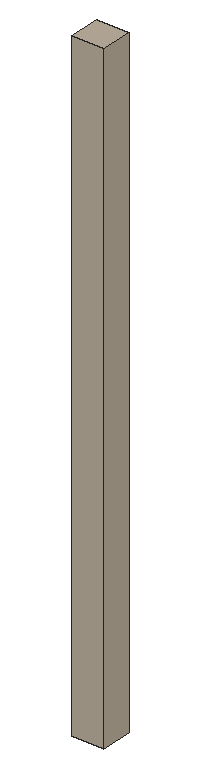
Revit family "Wood Stud", category Structural Columns, Revit 2018
Family settings
  Section Shape = Not Defined
  Material for Model Behavior = Wood
  Always export as geometry = No
  Beam cutback in plan = From bounding box
  OmniClass Number = 23.25.30.11.14.11
  OmniClass Title = Columns
  Cut with Voids When Loaded = No
  Symbolic Representation = From Project Settings
  Shared = No
  Show family pre-cut in plan views = Yes
Parameters (values of type "Wood Stud")
  Structural Material = Softwood, Lumber Cross Hatch
  A = 30.24 in²
  Assembly Code = "B10"
  b [instance] = 0' - 5 1/2"
  d [instance] = 0' - 5 1/2"
Types (2): name
  6x6
  Wood Stud
Reference planes (in)
  plane 1 "Center (Front/Back)": y = 0
  plane 2: z = 0
  plane 3 "Center (Left/Right)": x = 0
  plane 4: x = -2.75
  plane 5: x = 2.75
  plane 6: y = 2.75
  plane 7: y = -2.75
Forms (in)
  Extrusion 1, solid, material "Softwood, Lumber Cross Hatch" <- "Structural Material", detail levels medium+fine
    sketch origin (0, 0, 0) x (1, 0, 0) y (0, 1, 0)
      loop
        line (-2.75, 2.75) -> (-2.75, -2.75) -> (2.75, -2.75) -> (2.75, 2.75) -> (-2.75, 2.75)
    from 0 to 108
Lines and regions (in)
  symbolic lines
    curve 1: line (-2.75, 2.75, 0) -> (2.75, -2.75, 0)
    curve 2: line (2.75, 2.75, 0) -> (-2.75, -2.75, 0)
  model lines, style "StructuralColumns"
    curve 3: line (-2.75, 2.75, 0) -> (2.75, 2.75, 0)
    curve 4: line (-2.75, -2.75, 0) -> (2.75, -2.75, 0)
    curve 5: line (-2.75, 2.75, 0) -> (-2.75, -2.75, 0)
    curve 6: line (2.75, 2.75, 0) -> (2.75, -2.75, 0)
Dimensions and locks (in)
  equal spacing: plane 4, plane 3 "Center (Left/Right)", plane 5
  equal spacing: plane 7, plane 1 "Center (Front/Back)", plane 6
  "d": plane 7 to plane 6
  "b": plane 4 to plane 5
  aligned and locked: plane 6 to Extrusion 1 sketch curve
  aligned and locked: Extrusion 1 sketch curve to plane 7
  aligned and locked: Extrusion 1 sketch curve to plane 4
  aligned and locked: plane 5 to Extrusion 1 sketch curve
  aligned and locked: level to Extrusion 1
  aligned and locked: level to plane 2
  aligned and locked: Extrusion 1 to plane 2
Automatic sketch dimensions
  curve 1 to plane 4 = 0' - 0"
  plane 6 to curve 3 = 0' - 0"
  plane 7 to curve 5 = 0' - 0"
  curve 6 to plane 5 = 0' - 0"
